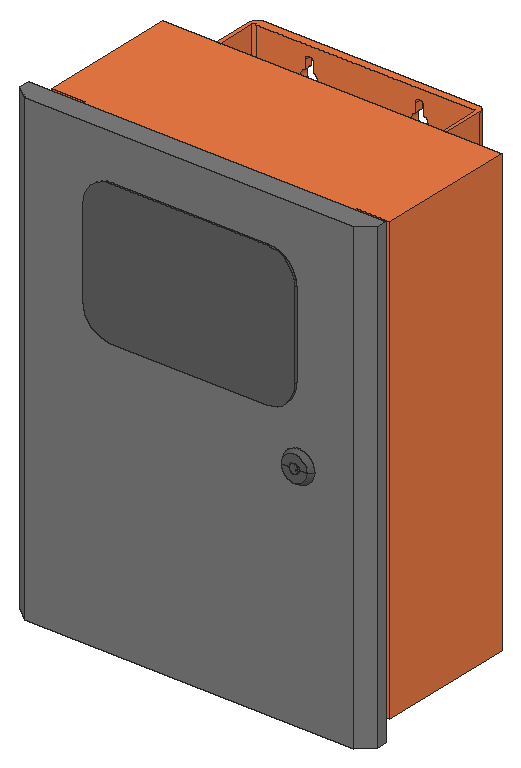
Revit family "Saltwater Chlorinator - Power Pack", category Mechanical Equipment, Revit 2019
Family settings
  Round Connector Dimension = Use Diameter
  Part Type = Normal
  OmniClass Number = 23.75.00.00
  OmniClass Title = Climate Control (HVAC)
  Work Plane-Based = No
  Always vertical = Yes
  Cut with Voids When Loaded = No
  Shared = No
  Room Calculation Point = No
Parameters (values of type "JSWC40 - Control Panel")
  URL = "https://www.jandy.com/en/commercial/water-sanitizers/commercial-salt-system"
  Model = Fluidra_Model  # "JSWC40 - Control Panel"
  Manufacturer = Fluidra_Manufacturer  # "Fluidra"
  Heatsink = no
  Fluidra_Voltage (Low) = 120 V  # constant formula
  Fluidra_Voltage (High) = 240 V  # constant formula
  Fluidra_Model = "JSWC40 - Control Panel"
  Fluidra_Manufacturer = "Fluidra"  # constant formula
  Fluidra_Frequency2 = 50 Hz  # constant formula
  Fluidra_Frequency = 60 Hz  # constant formula
  Fluidra_Description = "Jandy Commercial Saltwater Chlorinator"  # constant formula
  Fluidra_Cos ϕ = 1  # 100.00%
  Fluidra_Amps_(240V) = 1.7 A
  Fluidra_Amps_(120V) = 3.2 A
  Description = Fluidra_Description  # "Jandy Commercial Saltwater Chlorinator"
  Assembly Code = "D2090400"
Types (5): name | Model | Heatsink | Fluidra_Model | Fluidra_Amps_(240V) | Fluidra_Amps_(120V)
  (no name) | "JSWC40 - Control Panel" | no | "JSWC40 - Control Panel" | 1.7 A | 3.2 A
  JSWC40 - Control Panel | "JSWC40 - Control Panel" | no | "JSWC40 - Control Panel" | 1.7 A | 3.2 A
  JSWC53 - Control Panel | "JSWC53 - Control Panel" | no | "JSWC53 - Control Panel" | 2 A | 3.9 A
  JSWC80 - Control Panel | "JSWC80 - Control Panel" | yes | "JSWC80 - Control Panel" | 3.3 A | 6.5 A
  JSWC100 - Control Panel | "JSWC100 - Control Panel" | yes | "JSWC100 - Control Panel" | 3.6 A | 7.1 A
Reference planes (in)
  plane 1 "Center (Front/Back)": y = 0
  plane 2: z = 0
  plane 3 "Center (Left/Right)": x = 0
  plane 4 "Top": z = 16.5
  plane 5 "Right side": x = 6.3125
  plane 6 "Left side": x = -6.3125
  plane 7 "Front": y = -8
Forms (in)
  Extrusion 1, solid, material "Fluidra Orange", detail levels medium+fine
    sketch origin (0, 0, 0) x (1, 0, 0) y (0, 1, 0)
      loop
        line (-4.8125, -7.19867) -> (4.8125, -7.19867) -> (4.8125, -6.60625) -> (5.98433, -6.60625) -> (5.98433, -1.69372) -> (-5.98433, -1.69372) -> (-5.98433, -6.60625) -> (-4.8125, -6.60625) -> (-4.8125, -7.19867)
    from 0.375 to 16.12172
  Extrusion 2, solid, material "Fluidra Gray", detail levels medium+fine
    sketch origin (0, 0, 0) x (1, 0, 0) y (0, 1, 0)
      loop
        line (5.81126, -8) -> (6.3125, -7.57941) -> (6.3125, -7.19867) -> (-6.3125, -7.19867) -> (-6.3125, -7.57941) -> (-5.81126, -8) -> (5.81126, -8)
    from 0 to 16.5
  Extrusion 3, solid, material "Fluidra Orange", detail levels medium+fine
    sketch origin (-3.87699, -180, 14.37172) x (-1, 0, 0) y (0, -1, 0)
      loop
        line (0.18551, -178.30628) -> (0.05963, -178.30628) -> (0.05963, -179.65927)
        arc (0.05963, -179.65927) -> (0.03335, -179.7227) -> (-0.03008, -179.74898) r 0.08971
        line (-0.03008, -179.74898) -> (-7.72389, -179.74898)
        arc (-7.72389, -179.74898) -> (-7.78733, -179.7227) -> (-7.81361, -179.65927) r 0.08971
        line (-7.81361, -179.65927) -> (-7.81361, -178.30628) -> (-7.93949, -178.30628) -> (-7.93949, -179.75)
        arc (-7.93949, -179.75) -> (-7.86626, -179.92678) -> (-7.68949, -180) r 0.25
        line (-7.68949, -180) -> (-0.06449, -180)
        arc (-0.06449, -180) -> (0.11229, -179.92678) -> (0.18551, -179.75) r 0.25
        line (0.18551, -179.75) -> (0.18551, -178.30628)
    from 0 to 1.75
  Extrusion 4, void
    sketch origin (0, 0, 0) x (-1, 0, 0) y (0, 0, 1)
      loop
        arc (1.80357, 15.31831) -> (1.96398, 14.76453) -> (2.09329, 15.32639) r 0.29784
        line (2.09329, 15.32639) -> (2.09329, 15.63493)
        arc (2.09329, 15.63493) -> (1.94843, 15.77979) -> (1.80357, 15.63493) r 0.14486
        line (1.80357, 15.63493) -> (1.80357, 15.31831)
      loop
        line (-1.80357, 15.31831) -> (-1.80357, 15.63493)
        arc (-1.80357, 15.63493) -> (-1.94843, 15.77979) -> (-2.09329, 15.63493) r 0.14486
        line (-2.09329, 15.63493) -> (-2.09329, 15.32639)
        arc (-2.09329, 15.32639) -> (-1.96398, 14.76453) -> (-1.80357, 15.31831) r 0.29784
    from 0 to -0.25102
  Extrusion 5, solid, material "Fluidra Orange", detail levels medium+fine
    sketch origin (-28.87699, -180, 0.375) x (-1, 0, 0) y (0, -1, 0)
      loop
        line (-24.81449, -178.30628) -> (-24.94037, -178.30628) -> (-24.94037, -179.65927)
        arc (-24.94037, -179.65927) -> (-24.96665, -179.7227) -> (-25.03008, -179.74898) r 0.08971
        line (-25.03008, -179.74898) -> (-32.72389, -179.74898)
        arc (-32.72389, -179.74898) -> (-32.78733, -179.7227) -> (-32.81361, -179.65927) r 0.08971
        line (-32.81361, -179.65927) -> (-32.81361, -178.30628) -> (-32.93949, -178.30628) -> (-32.93949, -179.75)
        arc (-32.93949, -179.75) -> (-32.86626, -179.92678) -> (-32.68949, -180) r 0.25
        line (-32.68949, -180) -> (-25.06449, -180)
        arc (-25.06449, -180) -> (-24.88771, -179.92678) -> (-24.81449, -179.75) r 0.25
        line (-24.81449, -179.75) -> (-24.81449, -178.30628)
    from 0 to 1.75
  Extrusion 6, solid, material "Fluidra Black", detail levels fine
    sketch origin (-5.98433, -180, 0.375) x (-1, 0, 0) y (0, -1, 0)
      loop
        line (-5.54855, -175.54986) -> (-5.54855, -176.16639) -> (-5.01462, -176.47465) -> (-4.4807, -176.16639) -> (-4.4807, -175.54986) -> (-5.01462, -175.2416) -> (-5.54855, -175.54986)
      loop
        circle (-5.01462, -175.85812) r 0.26696
    from 0 to -0.47793
  Revolve 7, solid, material "Fluidra Black", detail levels fine
    sketch origin (-0.43578, -4.14188, 48) x (1, 0, 0) y (0, 0, 1)
      loop
        arc (-1.06785, -48.10293) -> (-0.98966, -48.2917) -> (-0.80089, -48.36989) r 0.26696
        line (-0.80089, -48.36989) -> (-0.80089, -48.10293) -> (-1.06785, -48.10293)
      axis (-0.53393, -48.10293) -> (-0.53393, -48.36989)
    angle from 0 to 360
  Extrusion 8, solid, material "Fluidra Black", detail levels fine
    sketch origin (-4.02357, -180, 0.375) x (-1, 0, 0) y (0, -1, 0)
      loop
        line (-5.54855, -175.54986) -> (-5.54855, -176.16639) -> (-5.01462, -176.47465) -> (-4.4807, -176.16639) -> (-4.4807, -175.54986) -> (-5.01462, -175.2416) -> (-5.54855, -175.54986)
      loop
        circle (-5.01462, -175.85812) r 0.26696
    from 0 to -0.47793
  Revolve 9, solid, material "Fluidra Black", detail levels fine
    sketch origin (1.52498, -4.14188, 48) x (1, 0, 0) y (0, 0, 1)
      loop
        arc (-1.06785, -48.10293) -> (-0.98966, -48.2917) -> (-0.80089, -48.36989) r 0.26696
        line (-0.80089, -48.36989) -> (-0.80089, -48.10293) -> (-1.06785, -48.10293)
      axis (-0.53393, -48.10293) -> (-0.53393, -48.36989)
    angle from 0 to 360
  Extrusion 10, solid, material "Fluidra Black", detail levels fine
    sketch origin (-13.07808, -180.01758, 0.375) x (-1, 0, 0) y (0, -1, 0)
      loop
        line (-8.69742, -175.87513) -> (-8.52698, -176.17033) -> (-8.18611, -176.17033) -> (-8.01568, -175.87513) -> (-8.18611, -175.57992) -> (-8.52698, -175.57992) -> (-8.69742, -175.87513)
      loop
        circle (-8.35655, -175.87513) r 0.12637
    from 0 to -0.375
  Revolve 11, solid, material "Fluidra Black", detail levels fine
    sketch origin (-7.52953, -4.14188, 48) x (1, 0, 0) y (0, 0, 1)
      loop
        arc (2.52777, -48) -> (2.59568, -48.06659) -> (2.68163, -48.10729) r 0.2867
        line (2.68163, -48.10729) -> (2.68163, -48) -> (2.52777, -48)
      axis (2.808, -48) -> (2.808, -48.10729)
    angle from 0 to 360
  Extrusion 12, solid, material "Fluidra Black", detail levels fine
    sketch origin (-11.89845, -180.01758, 0.375) x (-1, 0, 0) y (0, -1, 0)
      loop
        line (-8.69742, -175.87513) -> (-8.52698, -176.17033) -> (-8.18611, -176.17033) -> (-8.01568, -175.87513) -> (-8.18611, -175.57992) -> (-8.52698, -175.57992) -> (-8.69742, -175.87513)
      loop
        circle (-8.35655, -175.87513) r 0.12637
    from 0 to -0.375
  Revolve 13, solid, material "Fluidra Black", detail levels fine
    sketch origin (-6.3499, -4.14188, 48) x (1, 0, 0) y (0, 0, 1)
      loop
        arc (2.52777, -48) -> (2.59568, -48.06659) -> (2.68163, -48.10729) r 0.2867
        line (2.68163, -48.10729) -> (2.68163, -48) -> (2.52777, -48)
      axis (2.808, -48) -> (2.808, -48.10729)
    angle from 0 to 360
  Extrusion 14, solid, material "Fluidra Black", detail levels fine
    sketch origin (-10.71213, -180.01758, 0.375) x (-1, 0, 0) y (0, -1, 0)
      loop
        line (-8.69742, -175.87513) -> (-8.52698, -176.17033) -> (-8.18611, -176.17033) -> (-8.01568, -175.87513) -> (-8.18611, -175.57992) -> (-8.52698, -175.57992) -> (-8.69742, -175.87513)
      loop
        circle (-8.35655, -175.87513) r 0.12637
    from 0 to -0.375
  Revolve 15, solid, material "Fluidra Black", detail levels fine
    sketch origin (-5.16358, -4.14188, 48) x (1, 0, 0) y (0, 0, 1)
      loop
        arc (2.52777, -48) -> (2.59568, -48.06659) -> (2.68163, -48.10729) r 0.2867
        line (2.68163, -48.10729) -> (2.68163, -48) -> (2.52777, -48)
      axis (2.808, -48) -> (2.808, -48.10729)
    angle from 0 to 360
  Revolve 16, solid, material "Fluidra Black", detail levels fine
    sketch origin (8.76734, -4.14188, 48) x (1, 0, 0) y (0, 0, 1)
      loop
        line (-4.61109, -47.625) -> (-4.61109, -47.69782)
        arc (-4.61109, -47.69782) -> (-4.39847, -47.86115) -> (-4.13658, -47.9186) r 0.61558
        line (-4.13658, -47.9186) -> (-4.13658, -47.625) -> (-4.61109, -47.625)
      axis (-4.13658, -47.625) -> (-4.13658, -47.9186)
    angle from 0 to 360
  Extrusion 17, solid, material "Fluidra Black", detail levels fine
    sketch origin (-0.35933, -180, 0.375) x (-1, 0, 0) y (0, -1, 0)
      loop
        circle (-3.17544, -175.86611) r 0.29688
    from 0 to -0.17701
  Extrusion 18, solid, material "Fluidra Black", detail levels fine
    sketch origin (-2.18746, -180, 0.375) x (-1, 0, 0) y (0, -1, 0)
      loop
        circle (-4.08849, -174.69808) r 0.12998
      loop
        line (-4.08849, -174.63557) -> (-4.14263, -174.66682) -> (-4.14263, -174.72933) -> (-4.08849, -174.76058) -> (-4.03436, -174.72933) -> (-4.03436, -174.66682) -> (-4.08849, -174.63557)
    from 0 to -0.13664
  Extrusion 19, solid, material "Fluidra Black", detail levels fine
    sketch origin (-5.98433, -180, 0.375) x (-1, 0, 0) y (0, -1, 0)
      loop
        line (-6.33255, -174.86149) -> (-6.08255, -175.00583) -> (-5.83255, -174.86149) -> (-5.83255, -174.57282) -> (-6.08255, -174.42848) -> (-6.33255, -174.57282) -> (-6.33255, -174.86149)
    from 0 to -0.17246
  Revolve 20, solid, material "Fluidra Black", detail levels fine
    sketch origin (3.21069, -180, 8.2434) x (-1, 0, 0) y (0, -1, 0)
      loop
        line (-0.08663, -172) -> (-0.19254, -171.82552) -> (-0.46063, -171.82552) -> (-0.46063, -172) -> (-0.08663, -172)
      axis (-0.64813, -172) -> (-0.64813, -171.82552)
    angle from 0 to 360
  Extrusion 21, solid, material "Fluidra Black", detail levels fine
    sketch origin (0, -8, 98.72872) x (0, 0, 1) y (-1, 0, 0)
      loop
        arc (-90.46622, -4.00959) -> (-90.48402, -3.70684) -> (-90.50698, -4.00924) r 0.15198
        line (-90.50698, -4.00924) -> (-90.50698, -3.9495)
        arc (-90.50698, -3.9495) -> (-90.4866, -3.92912) -> (-90.46622, -3.9495) r 0.02038
        line (-90.46622, -3.9495) -> (-90.46622, -4.00959)
    from 0 to 0.19922
  Extrusion 22, solid, material "Fluidra Black", detail levels fine
    sketch origin (0, -8, 98.72872) x (0, 0, 1) y (-1, 0, 0)
      loop
        arc (-83.81954, 2.70743) -> (-84.11243, 3.41453) -> (-84.81954, 3.70743) r 1
        line (-84.81954, 3.70743) -> (-87.88204, 3.70743)
        arc (-87.88204, 3.70743) -> (-88.58915, 3.41453) -> (-88.88204, 2.70743) r 1
        line (-88.88204, 2.70743) -> (-88.88204, -2.78126)
        arc (-88.88204, -2.78126) -> (-88.58915, -3.48837) -> (-87.88204, -3.78126) r 1
        line (-87.88204, -3.78126) -> (-84.81954, -3.78126)
        arc (-84.81954, -3.78126) -> (-84.11243, -3.48837) -> (-83.81954, -2.78126) r 1
        line (-83.81954, -2.78126) -> (-83.81954, 2.70743)
    from 0 to 0.0625
  Extrusion 23, solid, material "Fluidra Black", visible <- "Heatsink", detail levels fine
    sketch origin (-5.98433, -180, 2.5625) x (-1, 0, 0) y (0, -1, 0)
      loop
        line (-0.04994, -179.31267) -> (-0.04994, -178.30628) -> (-11.91873, -178.30628) -> (-11.91873, -179.31267) -> (-11.63748, -179.31267) -> (-11.63748, -178.56267) -> (-11.36404, -178.56267) -> (-11.36404, -179.31267) -> (-11.27195, -179.31267) -> (-11.27195, -178.56267) -> (-11.0532, -178.56267) -> (-11.0532, -179.31267) -> (-10.96111, -179.31267) -> (-10.96111, -178.56267) -> (-10.74236, -178.56267) -> (-10.74236, -179.31267) -> (-10.65027, -179.31267) -> (-10.65027, -178.56267) -> (-10.43152, -178.56267) -> (-10.43152, -179.31267) -> (-10.33943, -179.31267) -> (-10.33943, -178.56267) -> (-10.12068, -178.56267) -> (-10.12068, -179.31267) -> (-10.02859, -179.31267) -> (-10.02859, -178.56267) -> (-9.7864, -178.56267) -> (-9.7864, -179.31267) -> (-9.69431, -179.31267) -> (-9.69431, -178.56267) -> (-9.47556, -178.56267) -> (-9.47556, -179.31267) -> (-9.38347, -179.31267) -> (-9.38347, -178.56267) -> (-9.16472, -178.56267) -> (-9.16472, -179.31267) -> (-9.07262, -179.31267) -> (-9.07262, -178.56267) -> (-8.85387, -178.56267) -> (-8.85387, -179.31267) -> (-8.76178, -179.31267) -> (-8.76178, -178.56267) -> (-8.54303, -178.56267) -> (-8.54303, -179.31267) -> (-8.45094, -179.31267) -> (-8.45094, -178.56267) -> (-8.22438, -178.56267) -> (-8.22438, -179.31267) -> (-8.13229, -179.31267) -> (-8.13229, -178.56267) -> (-7.91354, -178.56267) -> (-7.91354, -179.31267) -> (-7.82145, -179.31267) -> (-7.82145, -178.56267) -> (-7.58707, -178.56267) -> (-7.58707, -179.31267) -> (-7.49498, -179.31267) -> (-7.49498, -178.56267) -> (-7.27623, -178.56267) -> (-7.27623, -179.31267) -> (-7.18414, -179.31267) -> (-7.18414, -178.56267) -> (-6.96539, -178.56267) -> (-6.96539, -179.31267) -> (-6.8733, -179.31267) -> (-6.8733, -178.56267) -> (-6.64674, -178.56267) -> (-6.64674, -179.31267) -> (-6.55465, -179.31267) -> (-6.55465, -178.56267) -> (-6.3359, -178.56267) -> (-6.3359, -179.31267) -> (-6.24381, -179.31267) -> (-6.24381, -178.56267) -> (-5.98882, -178.56267) -> (-5.98882, -179.31267) -> (-5.89673, -179.31267) -> (-5.89673, -178.56267) -> (-5.67798, -178.56267) -> (-5.67798, -179.31267) -> (-5.58589, -179.31267) -> (-5.58589, -178.56267) -> (-5.36714, -178.56267) -> (-5.36714, -179.31267) -> (-5.27505, -179.31267) -> (-5.27505, -178.56267) -> (-5.04849, -178.56267) -> (-5.04849, -179.31267) -> (-4.9564, -179.31267) -> (-4.9564, -178.56267) -> (-4.73765, -178.56267) -> (-4.73765, -179.31267) -> (-4.64556, -179.31267) -> (-4.64556, -178.56267) -> (-4.42681, -178.56267) -> (-4.42681, -179.31267) -> (-4.33472, -179.31267) -> (-4.33472, -178.56267) -> (-4.11597, -178.56267) -> (-4.11597, -179.31267) -> (-4.02387, -179.31267) -> (-4.02387, -178.56267) -> (-3.80512, -178.56267) -> (-3.80512, -179.31267) -> (-3.71303, -179.31267) -> (-3.71303, -178.56267) -> (-3.48647, -178.56267) -> (-3.48647, -179.31267) -> (-3.39438, -179.31267) -> (-3.39438, -178.56267) -> (-3.17563, -178.56267) -> (-3.17563, -179.31267) -> (-3.08354, -179.31267) -> (-3.08354, -178.56267) -> (-2.86479, -178.56267) -> (-2.86479, -179.31267) -> (-2.7727, -179.31267) -> (-2.7727, -178.56267) -> (-2.55395, -178.56267) -> (-2.55395, -179.31267) -> (-2.46186, -179.31267) -> (-2.46186, -178.56267) -> (-2.24311, -178.56267) -> (-2.24311, -179.31267) -> (-2.15102, -179.31267) -> (-2.15102, -178.56267) -> (-1.90883, -178.56267) -> (-1.90883, -179.31267) -> (-1.81674, -179.31267) -> (-1.81674, -178.56267) -> (-1.59799, -178.56267) -> (-1.59799, -179.31267) -> (-1.5059, -179.31267) -> (-1.5059, -178.56267) -> (-1.28715, -178.56267) -> (-1.28715, -179.31267) -> (-1.19506, -179.31267) -> (-1.19506, -178.56267) -> (-0.97631, -178.56267) -> (-0.97631, -179.31267) -> (-0.88421, -179.31267) -> (-0.88421, -178.56267) -> (-0.66546, -178.56267) -> (-0.66546, -179.31267) -> (-0.57337, -179.31267) -> (-0.57337, -178.56267) -> (-0.29994, -178.56267) -> (-0.29994, -179.31267) -> (-0.04994, -179.31267)
    from 0 to 11.65426
  Extrusion 24, solid, material "Fluidra Orange", detail levels coarse
    sketch origin (-5.98433, -180, 2.5625) x (-1, 0, 0) y (0, -1, 0)
      loop
        line (0.32817, -180) -> (0.32817, -172) -> (-12.29683, -172) -> (-12.29683, -180) -> (0.32817, -180)
    from -2.5625 to 13.9375
Cuts and joins
  Extrusion 4 cuts Extrusion 3
  joined: Extrusion 6, Revolve 7
Lines and regions (in)
  Split face 1
    outline origin (0, -8.0625, 98.72872) x (0, 0, 1) y (-1, 0, 0)
      loop
        arc (-85.30742, 1.08549) -> (-86.04264, 1.32162) -> (-86.78813, 1.12025) r 1.3626
        line (-86.78813, 1.12025) -> (-86.71817, 1.031)
        arc (-86.71817, 1.031) -> (-86.03885, 1.20889) -> (-85.37082, 0.99244) r 1.25
        line (-85.37082, 0.99244) -> (-85.30742, 1.08549)
  Split face 2
    outline origin (0, -8.0625, 98.72872) x (0, 0, 1) y (-1, 0, 0)
      loop
        arc (-87.28537, -0.35137) -> (-87.25123, 0.38139) -> (-86.81188, 0.96882) r 1.25
        line (-86.81188, 0.96882) -> (-86.88139, 1.05749)
        arc (-86.88139, 1.05749) -> (-87.35976, 0.41227) -> (-87.39157, -0.39031) r 1.3626
        line (-87.39157, -0.39031) -> (-87.28537, -0.35137)
  Split face 3
    outline origin (0, -8.0625, 98.72872) x (0, 0, 1) y (-1, 0, 0)
      loop
        line (-86.55883, 0.64602) -> (-86.76282, 0.90585)
        arc (-86.76282, 0.90585) -> (-87.17437, 0.35931) -> (-87.21001, -0.32393) r 1.17021
        line (-87.21001, -0.32393) -> (-86.8977, -0.20924)
        arc (-86.8977, -0.20924) -> (-86.85572, 0.26889) -> (-86.55883, 0.64602) r 0.84019
  Split face 4
    outline origin (0, -8.0625, 98.72872) x (0, 0, 1) y (-1, 0, 0)
      loop
        line (-86.66854, 0.96769) -> (-86.4624, 0.70474)
        arc (-86.4624, 0.70474) -> (-86.02379, 0.79805) -> (-85.59965, 0.65245) r 0.84019
        line (-85.59965, 0.65245) -> (-85.41574, 0.9265)
        arc (-85.41574, 0.9265) -> (-86.03616, 1.12898) -> (-86.66854, 0.96769) r 1.17021
  Split face 5
    outline origin (0, -8.0625, 98.72872) x (0, 0, 1) y (-1, 0, 0)
      loop
        line (-85.20764, 1.01061) -> (-85.27072, 0.91661)
        arc (-85.27072, 0.91661) -> (-84.88109, 0.33087) -> (-84.86949, -0.37253) r 1.25
        line (-84.86949, -0.37253) -> (-84.7612, -0.40339)
        arc (-84.7612, -0.40339) -> (-84.77524, 0.36965) -> (-85.20764, 1.01061) r 1.3626
  Split face 6
    outline origin (0, -8.0625, 98.72872) x (0, 0, 1) y (-1, 0, 0)
      loop
        line (-85.31382, 0.84855) -> (-85.50121, 0.5735)
        arc (-85.50121, 0.5735) -> (-85.26534, 0.18521) -> (-85.26609, -0.26911) r 0.84019
        line (-85.26609, -0.26911) -> (-84.94851, -0.35886)
        arc (-84.94851, -0.35886) -> (-84.95454, 0.29828) -> (-85.31382, 0.84855) r 1.17021
  Split face 7
    outline origin (0, -8.0625, 98.72872) x (0, 0, 1) y (-1, 0, 0)
      loop
        line (-84.79966, -0.52142) -> (-84.90872, -0.49138)
        arc (-84.90872, -0.49138) -> (-85.34229, -1.05362) -> (-86.01211, -1.28904) r 1.25
        line (-86.01211, -1.28904) -> (-86.01211, -1.40177)
        arc (-86.01211, -1.40177) -> (-85.27402, -1.1432) -> (-84.79966, -0.52142) r 1.3626
  Split face 8
    outline origin (0, -8.0625, 98.72872) x (0, 0, 1) y (-1, 0, 0)
      loop
        arc (-85.30542, -0.37861) -> (-85.58938, -0.7265) -> (-86.01195, -0.87845) r 0.84019
        line (-86.01195, -0.87845) -> (-86.01195, -1.20914)
        arc (-86.01195, -1.20914) -> (-85.39042, -0.98996) -> (-84.9859, -0.46967) r 1.17021
        line (-84.9859, -0.46967) -> (-85.30542, -0.37861)
  Split face 9
    outline origin (0, -8.0625, 98.72872) x (0, 0, 1) y (-1, 0, 0)
      loop
        arc (-86.13733, -0.87845) -> (-86.58093, -0.7111) -> (-86.8633, -0.33025) r 0.84019
        line (-86.8633, -0.33025) -> (-87.17309, -0.44402)
        arc (-87.17309, -0.44402) -> (-86.76991, -0.98185) -> (-86.13733, -1.20913) r 1.17021
        line (-86.13733, -1.20913) -> (-86.13733, -0.87845)
  Split face 10
    outline origin (0, -8.0625, 98.72872) x (0, 0, 1) y (-1, 0, 0)
      loop
        line (-87.24822, -0.47088) -> (-87.35392, -0.5097)
        arc (-87.35392, -0.5097) -> (-86.88025, -1.13952) -> (-86.13711, -1.40177) r 1.3626
        line (-86.13711, -1.40177) -> (-86.13711, -1.28904)
        arc (-86.13711, -1.28904) -> (-86.81579, -1.04716) -> (-87.24822, -0.47088) r 1.25
  Split face 11
    outline origin (0, -8.0625, 98.72872) x (0, 0, 1) y (-1, 0, 0)
      loop
        arc (-87.91756, 0.48026) -> (-87.97129, 0.53399) -> (-88.02503, 0.48026) r 0.05374
        line (-88.02503, 0.48026) -> (-88.02503, 0.23485)
        arc (-88.02503, 0.23485) -> (-87.97129, 0.18112) -> (-87.91756, 0.23485) r 0.05374
        line (-87.91756, 0.23485) -> (-87.91756, 0.48026)
  Split face 12
    outline origin (0, -8.0625, 98.72872) x (0, 0, 1) y (-1, 0, 0)
      loop
        arc (-87.91756, -0.22287) -> (-87.97129, -0.16913) -> (-88.02503, -0.22287) r 0.05374
        line (-88.02503, -0.22287) -> (-88.02503, -0.46827)
        arc (-88.02503, -0.46827) -> (-87.97129, -0.52201) -> (-87.91756, -0.46827) r 0.05374
        line (-87.91756, -0.46827) -> (-87.91756, -0.22287)
  Split face 13
    outline origin (0, -8.0625, 98.72872) x (0, 0, 1) y (-1, 0, 0)
      loop
        arc (-87.68433, -0.44535) -> (-87.65556, -0.44535) -> (-87.65556, -0.41659) r 0.02034
        line (-87.65556, -0.41659) -> (-87.73523, -0.33692) -> (-87.65556, -0.25725)
        arc (-87.65556, -0.25725) -> (-87.65556, -0.22848) -> (-87.68433, -0.22848) r 0.02034
        line (-87.68433, -0.22848) -> (-87.78111, -0.31441)
        arc (-87.78111, -0.31441) -> (-87.79043, -0.33692) -> (-87.78111, -0.35942) r 0.03182
        line (-87.78111, -0.35942) -> (-87.68433, -0.44535)
  Split face 14
    outline origin (0, -8.0625, 98.72872) x (0, 0, 1) y (-1, 0, 0)
      loop
        arc (-87.75571, 0.44996) -> (-87.78448, 0.44996) -> (-87.78448, 0.42119) r 0.02034
        line (-87.78448, 0.42119) -> (-87.70481, 0.34152) -> (-87.78448, 0.26185)
        arc (-87.78448, 0.26185) -> (-87.78448, 0.23308) -> (-87.75571, 0.23308) r 0.02034
        line (-87.75571, 0.23308) -> (-87.65893, 0.31902)
        arc (-87.65893, 0.31902) -> (-87.64961, 0.34152) -> (-87.65893, 0.36402) r 0.03182
        line (-87.65893, 0.36402) -> (-87.75571, 0.44996)
  model lines, detail levels fine
    curve 1: line (-1.05749, -8.0625, 11.84733) -> (-0.96882, -8.0625, 11.91683)
    curve 2: arc (-1.05903, -8.0625, 11.84943) -> (-0.4135, -8.0625, 11.36939) -> (0.39031, -8.0625, 11.33714) r 1.3626
    curve 3: arc (-0.96882, -8.0625, 11.91683) -> (-0.38139, -8.0625, 11.47749) -> (0.35137, -8.0625, 11.44335) r 1.25
    curve 4: line (-1.08571, -8.0625, 13.42098) -> (-0.99263, -8.0625, 13.35761)
    curve 5: line (-1.01179, -8.0625, 13.52188) -> (-0.9171, -8.0625, 13.45741)
    curve 6: arc (-1.08549, -8.0625, 13.4213) -> (-1.32159, -8.0625, 12.68738) -> (-1.12161, -8.0625, 11.94281) r 1.3626
    curve 7: arc (-0.99263, -8.0625, 13.35761) -> (-1.20889, -8.0625, 12.68969) -> (-1.031, -8.0625, 12.01054) r 1.25
    curve 8: line (0.40243, -8.0625, 13.96778) -> (0.37253, -8.0625, 13.85923)
    curve 9: line (0.52142, -8.0625, 13.92905) -> (0.49138, -8.0625, 13.81999)
    curve 10: arc (0.40264, -8.0625, 13.96773) -> (-0.37001, -8.0625, 13.95336) -> (-1.01058, -8.0625, 13.5211) r 1.3626
    curve 11: arc (0.37253, -8.0625, 13.85923) -> (-0.33124, -8.0625, 13.84752) -> (-0.9171, -8.0625, 13.45741) r 1.25
    curve 12: line (1.28904, -8.0625, 12.7166) -> (1.40177, -8.0625, 12.7166)
    curve 13: line (1.40177, -8.0625, 12.5916) -> (1.28904, -8.0625, 12.5916)
    curve 14: arc (1.28904, -8.0625, 12.7166) -> (1.05362, -8.0625, 13.38643) -> (0.49138, -8.0625, 13.81999) r 1.25
    curve 15: arc (1.40174, -8.0625, 12.71712) -> (1.14313, -8.0625, 13.45479) -> (0.52167, -8.0625, 13.92896) r 1.3626
    curve 16: line (0.39031, -8.0625, 11.33714) -> (0.35137, -8.0625, 11.44335)
    curve 17: arc (0.47089, -8.0625, 11.48049) -> (1.04716, -8.0625, 11.91293) -> (1.28904, -8.0625, 12.5916) r 1.25
    curve 18: arc (0.50965, -8.0625, 11.37477) -> (1.13953, -8.0625, 11.84848) -> (1.40177, -8.0625, 12.59171) r 1.3626
    curve 19: line (-0.90599, -8.0625, 11.96609) -> (-0.64602, -8.0625, 12.16989)
    curve 20: arc (-0.64602, -8.0625, 12.16989) -> (-0.26889, -8.0625, 11.87299) -> (0.20924, -8.0625, 11.83101) r 0.84019
    curve 21: arc (-0.90599, -8.0625, 11.96609) -> (-0.3595, -8.0625, 11.55441) -> (0.32376, -8.0625, 11.51866) r 1.17021
    curve 22: line (0.32376, -8.0625, 11.51866) -> (0.20924, -8.0625, 11.83101)
    curve 23: line (-1.12025, -8.0625, 11.94058) -> (-1.031, -8.0625, 12.01054)
    curve 24: line (0.44402, -8.0625, 11.55562) -> (0.33025, -8.0625, 11.86542)
    curve 25: arc (0.33025, -8.0625, 11.86542) -> (0.7111, -8.0625, 12.14779) -> (0.87845, -8.0625, 12.59139) r 0.84019
    curve 26: arc (0.44402, -8.0625, 11.55562) -> (0.98185, -8.0625, 11.9588) -> (1.20913, -8.0625, 12.59139) r 1.17021
    curve 27: line (1.20913, -8.0625, 12.59139) -> (0.87845, -8.0625, 12.59139)
    curve 28: line (1.20914, -8.0625, 12.71676) -> (0.87845, -8.0625, 12.71676)
    curve 29: arc (0.87845, -8.0625, 12.71676) -> (0.7265, -8.0625, 13.13934) -> (0.37861, -8.0625, 13.4233) r 0.84019
    curve 30: arc (1.20914, -8.0625, 12.71676) -> (0.98989, -8.0625, 13.33839) -> (0.46945, -8.0625, 13.7429) r 1.17021
    curve 31: line (0.46945, -8.0625, 13.7429) -> (0.37861, -8.0625, 13.4233)
    curve 32: line (0.35886, -8.0625, 13.78021) -> (0.26842, -8.0625, 13.46282)
    curve 33: arc (0.26842, -8.0625, 13.46282) -> (-0.18556, -8.0625, 13.46328) -> (-0.5735, -8.0625, 13.22751) r 0.84019
    curve 34: arc (0.35886, -8.0625, 13.78021) -> (-0.2994, -8.0625, 13.77383) -> (-0.85007, -8.0625, 13.41311) r 1.17021
    curve 35: line (-0.85007, -8.0625, 13.41311) -> (-0.5735, -8.0625, 13.22751)
    curve 36: line (-0.92632, -8.0625, 13.31324) -> (-0.65241, -8.0625, 13.12913)
    curve 37: arc (-0.65241, -8.0625, 13.12913) -> (-0.79803, -8.0625, 12.70522) -> (-0.70497, -8.0625, 12.26675) r 0.84019
    curve 38: arc (-0.92632, -8.0625, 13.31324) -> (-1.12897, -8.0625, 12.69284) -> (-0.96782, -8.0625, 12.0604) r 1.17021
    curve 39: line (-0.96782, -8.0625, 12.0604) -> (-0.70497, -8.0625, 12.26675)
    curve 40: line (0.47089, -8.0625, 11.48049) -> (0.50965, -8.0625, 11.37477)
Dimensions and locks (in)
  plane 6 "Left side" to plane 5 "Right side" = 12 5/8"
  plane 7 "Front" to plane 1 "Center (Front/Back)" = 8"
  plane 4 "Top" to level = 16 1/2"
  Split face 11 sketch curve to Split face 11 sketch curve = 0.2454"
  aligned and locked: level to plane 2
